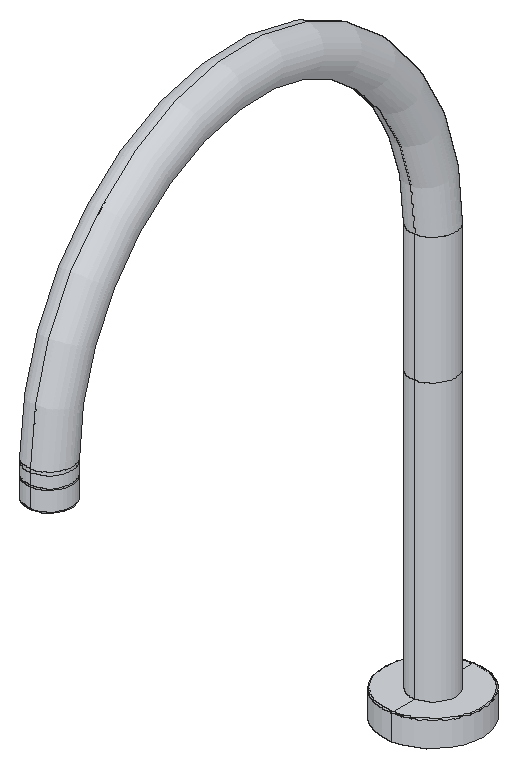
Revit family "Faucet-Deck_Mount-Bath_Spout-KOHLER-Coralais-K-8360", category Plumbing Fixtures, host Face, Revit 2015
Parameters (values of type "CP-Polished Chrome")
  Width = 2 3/4"  # constant formula
  WaterSense Certified = 1 = 0  # no
  Waste Water Outlet = "Waste Water Outlet"  # constant formula
  Waste Connection = 1 = 0  # no
  Vent Connection = 1 = 0  # no
  URL = "https://www.us.kohler.com/us/"
  Type = 1
  Tempered Water Inlet = "Tempered Water Inlet"  # constant formula
  Spout Reach = Length  # 13"
  Product Page URL = "http://www.us.kohler.com/us/catalog/productDetails.jsp?productNumber=8360"
  Product Name = "Deck-Mount Bath Spout"  # constant formula
  Product Documentation Link = "https://www.us.kohler.com/webassets/kpna/catalog/pdf/en/K-8360_spec.pdf"
  Pressure = 0.00 psi
  Model = if(Type = 1, "K-8360-CP", if(Type = 2, "K-8360-SN", if(Type = 3, "K-8360-AF", if(Type = 4, "K-8360-BN", if(Type = 5, "K-8360-BV", "NA")))))  # "K-8360-CP"
  Material = "Brass Construction"  # constant formula
  MasterFormat 2004 = "22.41.39"  # constant formula
  MasterFormat 1995 = "15410"  # constant formula
  Manufacturer Address = "444 Highland Dr, Kohler, WI 53044"  # constant formula
  Manufacturer = "KOHLER Co."  # constant formula
  Length = 13"  # constant formula
  Hot Water Inlet = "Hot Water Inlet"  # constant formula
  Height = 19 1/8"  # constant formula
  HW Connection = 1 = 1  # yes
  Flow Rate = 0 GPM
  Finish = Kohler-Metal-CP-Polished_Chrome
  Environmental Product Declaration = ""
  Drain Included = 1 = 0  # no
  Description = "Laminar deck-mount non-diverter bath spout"  # constant formula
  Default Elevation = 36"
  Declare Label = ""
  Date Modified = "7/15/2019"  # constant formula
  Date Created = "7/15/2019"  # constant formula
  Copyright = "Copyright KOHLER Co."  # constant formula
  Contact Us = "https://www.us.kohler.com/us/static/contact.jsp"
  Cold Water Inlet = "Cold Water Inlet"  # constant formula
  CW Connection = 1 = 0  # no
  Assembly Code = "D2010"
  ADA Compliant = 1 = 0  # no
Types (6): name | Type | Model | Finish
  (no name) | 1 | "K-8360-CP" | Kohler-Metal-CP-Polished_Chrome
  CP-Polished Chrome | 1 | "K-8360-CP" | Kohler-Metal-CP-Polished_Chrome
  AF-Vibrant French Gold | 3 | "K-8360-AF" | Kohler-Metal-AF-Vibrant_French_Gold
  BN-Vibrant Brushed Nickel | 4 | "K-8360-BN" | Kohler-Metal-BN-Vibrant_Brushed_Nickel
  BV-Vibrant Brushed Bronze | 5 | "K-8360-BV" | Kohler-Metal-BV-Brushed_Bronze
  SN-Vibrant Polished Nickel | 2 | "K-8360-SN" | Kohler-Metal-SN-Vibrant_Polished_Nickel
Reference planes (in)
  plane 1 "Center (Front/Back)": y = 0
  plane 2: z = 0
  plane 3 "Center (Left/Right)": x = 0
  plane 4: y = 1.375
  plane 5: y = -1.375
  plane 6: x = -1.375
  plane 7: x = 1.375
  plane 8: y = -13
  plane 9: z = 19.125
  plane 10: z = 11
Dimensions and locks (in)
  "Width": plane 6 to plane 7
  locked: plane 4 to plane 5 at 2.75
  "Length": plane 1 "Center (Front/Back)" to plane 8
  locked: plane 10 to level at 11
  "Height": plane 9 to level
  "Spout Reach": plane 8 to plane 1 "Center (Front/Back)"
  aligned and locked: host face to plane 2
  aligned and locked: host face to level
Automatic sketch dimensions
  host sketch curve to host sketch curve = 96"  (x2)
Nested families (in)
  nested 1: "K-8360" at (0, 0, 0), type "K-8360"
Connectors (in)
  piping at (0, 0, 0), diameter 0.875, driven by "Flow Rate", driven by "HW Connection", driven by "Tempered Water Inlet"
    settings: on nested 1, index 1, connector inside diameter 24", connector length 0", flow factor 0, pipe flow 0 GPM, pressure drop 0.00 psi, fitting loss kfactor 0, connector angle 0.00°, fixture units 0, engagement length 0", angle of deflection 0.00°, flow configuration 0, flow direction 1, fitting loss method 0, system type 19, joint type 0, gender type 0, connector reference index -1, connector utility 1, adjustable connector no, is connector primary yes, connector description "Tempered Water Inlet"
Definition of nested family "K-8360"
  Parameters (values of type "K-8360")
    Material = none
  Reference planes (in)
    plane 1 "Center (Front/Back)": y = 0
    plane 2: z = 0
    plane 3 "Center (Left/Right)": x = 0
    plane 4: x = -1.375
    plane 5: y = -13
    plane 6: x = 1.375
    plane 7: y = 1.375
    plane 8: y = -1.375
    plane 9: z = 19.125
    plane 10: z = 11
  Forms (in)
    Revolve 1, solid, material <- "Material", detail levels medium+fine
      sketch origin (0, 0, 0) x (0, 1, 0) y (0, 0, 1)
        loop
          line (0, 0) -> (1.375, 0) -> (1.375, 0.68854)
          arc (1.375, 0.68854) -> (1.36871, 0.70371) -> (1.35354, 0.71) r 0.02146
          line (1.35354, 0.71) -> (0.625, 0.71) -> (0.625, 8.46) -> (0.27145, 8.81355) -> (0, 8.81355) -> (0, 0)
        axis (0, 8.81355) -> (0, 0)
      angle from 0 to 360
    Sweep 2, solid, material <- "Material", detail levels medium+fine
      path origin (0, 0, 0) x (0, 1, 0) y (0, 0, 1)
        loop
          line (0, 8.46) -> (0, 12.00091)
          arc (0, 12.00091) -> (-6.5, 18.50091) -> (-13, 12.00091) r 6.5
          line (-13, 12.00091) -> (-13, 11.9153)
      profile origin (0, 0, 8.46) x (0, -1, 0) y (1, 0, 0)
        loop
          circle (0, 0) r 0.625
    Revolve 3, solid, material <- "Material", detail levels medium+fine
      sketch origin (0, 0, 0) x (0, 1, 0) y (0, 0, 1)
        loop
          line (-13, 11.9153) -> (-13, 11.67015) -> (-12.53358, 11.67015) -> (-12.53358, 11) -> (-12.39627, 11) -> (-12.37971, 11.02868) -> (-12.37971, 11.56272)
          arc (-12.37971, 11.56272) -> (-12.37618, 11.58121) -> (-12.375, 11.6) r 0.1498
          line (-12.375, 11.6) -> (-12.375, 11.9153) -> (-13, 11.9153)
        axis (-13, 11.9153) -> (-13, 11)
      angle from 0 to 360
    Extrusion 4, solid, material <- "Material", detail levels coarse
      sketch origin (0, 0, 0) x (1, 0, 0) y (0, 1, 0)
        loop
          circle (0, 0) r 1.375
      from 0 to 0.71
    Sweep 5, solid, material <- "Material", detail levels coarse
      path origin (0, 0, 0) x (0, 1, 0) y (0, 0, 1)
        loop
          line (0, 0.71) -> (0, 12.00091)
          arc (0, 12.00091) -> (-6.5, 18.50091) -> (-13, 12.00091) r 6.5
          line (-13, 12.00091) -> (-13, 11)
      profile origin (0, 0, 6.35546) x (0, -1, 0) y (1, 0, 0)
        loop
          circle (0.00247, 0) r 0.625
  Cuts and joins
    joined: Revolve 1, Sweep 2, Revolve 3
    joined: Extrusion 4, Sweep 5
  Lines and regions (in)
    Masking region 1
      outline origin (0, 0, 0) x (1, 0, 0) y (0, 1, 0)
        loop
          arc (0, 1.375) -> (-0.97227, 0.97227) -> (-1.375, 0) r 1.375
          arc (-1.375, 0) -> (-1.1726, -0.71807) -> (-0.625, -1.22474) r 1.375
          line (-0.625, -1.22474) -> (-0.625, -13)
          arc (-0.625, -13) -> (-0.44194, -13.44194) -> (0, -13.625) r 0.625
          arc (0, -13.625) -> (0.44194, -13.44194) -> (0.625, -13) r 0.625
          line (0.625, -13) -> (0.625, -1.22474)
          arc (0.625, -1.22474) -> (1.1726, -0.71807) -> (1.375, 0) r 1.375
          arc (1.375, 0) -> (0.97227, 0.97227) -> (0, 1.375) r 1.375
    Masking region 2
      outline origin (0, 0, 0) x (0, 1, 0) y (0, 0, 1)
        loop
          line (-1.375, 0) -> (1.375, 0) -> (1.375, 0.68854)
          arc (1.375, 0.68854) -> (1.36871, 0.70371) -> (1.35354, 0.71) r 0.02146
          line (1.35354, 0.71) -> (0.625, 0.71) -> (0.625, 12.00048)
          arc (0.625, 12.00048) -> (-1.46172, 17.03828) -> (-6.49952, 19.125) r 7.12452
          arc (-6.49952, 19.125) -> (-11.538, 17.038) -> (-13.625, 11.99952) r 7.12548
          line (-13.625, 11.99952) -> (-13.625, 11.6)
          arc (-13.625, 11.6) -> (-13.62382, 11.58121) -> (-13.62029, 11.56272) r 0.1498
          line (-13.62029, 11.56272) -> (-13.62029, 11.02868) -> (-13.60373, 11) -> (-13, 11) -> (-12.39627, 11) -> (-12.37971, 11.02868) -> (-12.37971, 11.56272)
          arc (-12.37971, 11.56272) -> (-12.37618, 11.58121) -> (-12.375, 11.6) r 0.1498
          line (-12.375, 11.6) -> (-12.375, 12.0008)
          arc (-12.375, 12.0008) -> (-6.5, 17.8758) -> (-0.625, 12.0008) r 5.875
          line (-0.625, 12.0008) -> (-0.625, 0.71) -> (-1.35354, 0.71)
          arc (-1.35354, 0.71) -> (-1.36871, 0.70371) -> (-1.375, 0.68854) r 0.02146
          line (-1.375, 0.68854) -> (-1.375, 0)
    Masking region 3
      outline origin (0, 0, 0) x (1, 0, 0) y (0, 0, 1)
        loop
          line (1.375, 0) -> (1.375, 0.68854)
          arc (1.375, 0.68854) -> (1.36871, 0.70371) -> (1.35354, 0.71) r 0.02146
          line (1.35354, 0.71) -> (0.625, 0.71) -> (0.625, 18.5)
          arc (0.625, 18.5) -> (0.44194, 18.94194) -> (0, 19.125) r 0.625
          arc (0, 19.125) -> (-0.44194, 18.94194) -> (-0.625, 18.5) r 0.625
          line (-0.625, 18.5) -> (-0.625, 0.71) -> (-1.35354, 0.71)
          arc (-1.35354, 0.71) -> (-1.36871, 0.70371) -> (-1.375, 0.68854) r 0.02146
          line (-1.375, 0.68854) -> (-1.375, 0) -> (1.375, 0)
    symbolic lines, detail levels medium+fine
      curve 1: line (-0.625, -1.22474, 0) -> (-0.625, -0.00247, 0)
      curve 2: line (0.625, -1.22474, 0) -> (0.625, -0.00247, 0)
      curve 3: arc (-0.625, -0.00247, 0) -> (0, 0.62253, 0) -> (0.625, -0.00247, 0) r 0.625
      curve 4: line (0, 0.625, 0.71) -> (0, -0.625, 0.71)
      curve 5: line (0, -12.37971, 11.02868) -> (0, -13.62029, 11.02868)
      curve 6: line (0, -12.37971, 11.56272) -> (0, -13.62029, 11.56272)
      curve 7: line (0.60373, 0, 11) -> (-0.60373, 0, 11)
      curve 8: line (-0.60373, 0, 11) -> (-0.62023, 0, 11.02857)
      curve 9: line (0.60373, 0, 11) -> (0.62023, 0, 11.02857)
      curve 10: line (-0.62029, 0, 11.56364) -> (0.62029, 0, 11.56364)
      curve 11: line (-0.625, 0, 0.71) -> (0.625, 0, 0.71)
      curve 12: line (-0.62023, 0, 11.02868) -> (0.62023, 0, 11.02857)
      curve 13: line (0.62023, 0, 11.02857) -> (0.62029, 0, 11.56364)
      curve 14: arc (0.62029, 0, 11.56364) -> (0.6239, 0, 11.58166) -> (0.62501, 0, 11.60001) r 0.13396
      curve 15: line (-0.62023, 0, 11.02857) -> (-0.62029, 0, 11.56364)
      curve 16: arc (-0.62029, 0, 11.56364) -> (-0.6239, 0, 11.58166) -> (-0.62501, 0, 11.60001) r 0.13396
  Dimensions and locks (in)
    aligned and locked: plane 2 to level
